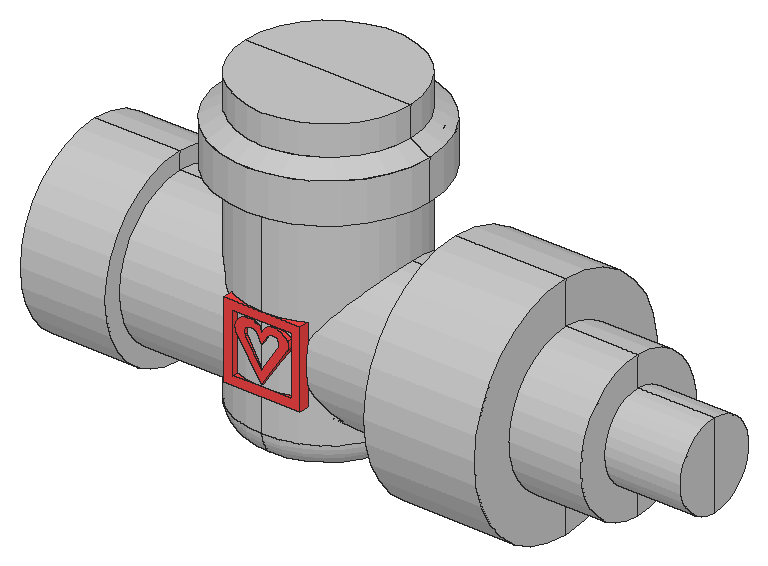
Revit family "RL-5 Return Valve Straight Model 3923", category Rohrzubehör, Revit 2018
Family settings
  Bemaßung runder Anschluss = Durchmesser verwenden
  Teiletyp = Unterbricht
  OmniClass-Nummer = 23.65.55.14
  OmniClass-Titel = Valves for Liquid Services
  Arbeitsebenenbasiert = Nein
  Immer vertikal = Nein
  Beim Laden mit Abzugskörper schneiden = Nein
  Gemeinsam genutzt = Nein
Parameters
  W02 [instance] = 70.00°  # constant formula
  W01 = 120.00°  # constant formula
  URL = "www.herzvalves.com"
  SCRNSEQ = "ARM;ARM_TYP=\"ALLF\";2"
  SCRNCODE = "05;01;02"  # constant formula
  S04 = 45.000 mm  # constant formula
  S03 = 61.000 mm  # constant formula
  S02 [instance] = L05 + L06 + L07  # 45.500 mm
  S01 = 10.000 mm  # constant formula
  R05 = 9.750 mm  # constant formula
  R04 = 12.000 mm  # constant formula
  R02 = 9.750 mm  # constant formula
  R01 = 11.000 mm  # constant formula
  Part number [instance] = size_lookup("3923_5_", "Artnr", 0, Nennweite)  # 1392300
  Nennweite [instance] = 10.000 mm
  Model = "All models are nickel-plated and are universal models with special socket threaded pipe and compression union."
  Medium = "Hot water quality according to Austrian standard ÖNORM H 5195 and/or VDI guideline 2035."
  Max. operating temperature = 110 °C  # constant formula
  Max. operating pressure = 1000000.0 Pa  # constant formula
  L07 [instance] = size_lookup("3923_5_", "L7", 1.000 mm, Nennweite)  # 17.500 mm
  L06 [instance] = size_lookup("3923_5_", "L6", 1.000 mm, Nennweite)  # 13.000 mm
  L05 [instance] = L02 - L04  # 15.000 mm
  L04 [instance] = size_lookup("3923_5_", "L4", 1.000 mm, Nennweite)  # 7.500 mm
  L03 [instance] = size_lookup("3923_5_", "L3", 1.000 mm, Nennweite)  # 10.000 mm
  L02 [instance] = size_lookup("3923_5_", "L2", 1.000 mm, Nennweite)  # 22.500 mm
  L01 [instance] = size_lookup("3923_5_", "L1", 1.000 mm, Nennweite)  # 27.500 mm
  Hersteller = "HERZ Armaturen Ges.m.b.H"  # constant formula
  H06 = 3.500 mm  # constant formula
  H05 = 9.500 mm  # constant formula
  H04 [instance] = H02 - H03  # 16.000 mm
  H03 = 5.000 mm  # constant formula
  H02 [instance] = 21.000 mm  # constant formula
  H01 [instance] = size_lookup("3923_5_", "H1", 1.000 mm, Nennweite)  # 14.000 mm
  GTI [instance] = size_lookup("3923_5_", "GT1", 1.000 mm, Nennweite)  # 9.000 mm
  GT [instance] = size_lookup("3923_5_", "GT", 1.000 mm, Nennweite)  # 9.500 mm
  G2 [instance] = Nennweite / 2  # 5.000 mm
  G1 [instance] = Nennweite / 2  # 5.000 mm
  D05 [instance] = size_lookup("3923_5_", "D5", 1.000 mm, Nennweite)  # 8.500 mm
  D04 [instance] = size_lookup("3923_5_", "D4", 1.000 mm, Nennweite)  # 13.500 mm
  D03 [instance] = size_lookup("3923_5_", "D3", 1.000 mm, Nennweite)  # 7.940 mm
  D02 [instance] = size_lookup("3923_5_", "D2", 1.000 mm, Nennweite)  # 9.000 mm
  D01 [instance] = size_lookup("3923_5_", "D1", 1.000 mm, Nennweite)  # 11.000 mm
  Body = "nickel-plated"  # constant formula
  Application = "Hot Water Heating Systems\r\nAfter installation of the return valve it is possible to close the radiator return connection.\r\nWhen the intake valve is closed simultaneously (“0“-position for thermostat valves) it is possible to remove the radiator while the heating system remains under pressure.\r\nServicing and working behind the radiator (repapering, laying tiles) is possible without having to switch off the rest of the system.\r\nThe HERZ-RL-5 valve adjusts to allow the exact water quantity to flow through the radiator according to the heat requirements.\r\nThis is recommended particularly in systems equipped with thermostatic valves because lowering the temperature during nighttime becomes fully effective in terms of reducing power input when the water flowquantity is limited and the hydraulic equilibrium of the system is retained.\r\nThe HERZ-RL-5 valve permits filling or draining the radiator or the entire heating system."
Reference planes
  plane 1 "Mitte (Vorne/hinten)": y = 0
  plane 2: z = 0
  plane 3 "Mitte (Links/rechts)": x = 0
Forms (mm)
  Revolve 1, solid, material "Messing, vernickelt", detail levels fine
    sketch origin (0, 0, 0) x (1, 0, 0) y (0, 0, 1)
      loop
        line (-18, 0) -> (22.5, 0) -> (22.5, 7.94) -> (15, 7.94) -> (15, 9) -> (-17.5, 9) -> (-17.5, 11) -> (-27.5, 11) -> (-27.5, 5) -> (-18, 5) -> (-18, 0)
      axis (-27.5, 0) -> (22.5, 0)
    angle from 0 to 360
  Revolve 2, solid, material "Messing, vernickelt", detail levels fine
    sketch origin (0, 0, 0) x (0, 1, 0) y (0, 0, 1)
      loop
        line (0, 21) -> (-11, 21) -> (-11, 16) -> (-9.75, 16) -> (-9.75, -8.456)
        arc (-9.75, -8.456) -> (-9.408, -9.847) -> (-8.46, -10.921) r 3
        line (-8.46, -10.921) -> (0, -14) -> (0, 21)
      axis (0, -14) -> (0, 21)
    angle from 0 to 360
  Revolve 3, solid, material "Messing, vernickelt", detail levels fine
    sketch origin (0, 0, 0) x (1, 0, 0) y (0, 0, 1)
      loop
        line (22.5, 0) -> (45.5, 0) -> (45.5, 5) -> (36.5, 5) -> (36.5, 8.5) -> (28, 8.5) -> (28, 13.5) -> (15, 13.5) -> (15, 7.94) -> (22.5, 7.94) -> (22.5, 0)
      axis (15, 0) -> (45.5, 0)
    angle from 0 to 360
  Revolve 4, solid, material "Messing, vernickelt", detail levels fine
    sketch origin (0, 0, 9) x (1, 0, 0) y (0, 0, 1)
      loop
        line (0, 7) -> (12, 7) -> (12, 11.701) -> (9.75, 13) -> (9.75, 16.5) -> (0, 16.5) -> (0, 7)
      axis (0, 16.5) -> (0, 7)
    angle from 0 to 360
Lines and regions (mm)
  model lines, detail levels coarse+medium
    curve 1: line (-27.5, 0, 11) -> (-27.5, 0, -11)
    curve 2: line (-27.5, 0, -11) -> (27.5, 0, 11)
    curve 3: line (27.5, 0, 11) -> (27.5, 0, -11)
    curve 4: line (27.5, 0, -11) -> (-27.5, 0, 11)
    curve 5: line (27.5, 0, 11) -> (37.5, 0, 11)
    curve 6: line (37.5, 0, 11) -> (27.5, 0, 0)
    curve 7: line (27.5, 0, -11) -> (37.5, 0, -11)
    curve 8: line (37.5, 0, -11) -> (27.5, 0, 0)
    curve 9: line (27.5, 0, 0) -> (45.5, 0, 0)
    curve 10: line (-27.5, 11, 0) -> (-27.5, -11, 0)
    curve 11: line (-27.5, -11, 0) -> (27.5, 11, 0)
    curve 12: line (27.5, 11, 0) -> (27.5, -11, 0)
    curve 13: line (27.5, -11, 0) -> (-27.5, 11, 0)
    curve 14: line (27.5, 11, 0) -> (37.5, 11, 0)
    curve 15: line (37.5, 11, 0) -> (27.5, 0, 0)
    curve 16: line (27.5, -11, 0) -> (37.5, -11, 0)
    curve 17: line (37.5, -11, 0) -> (27.5, 0, 0)
Dimensions and locks
  "L01": Revolve 1 sketch curve to plane 3 "Mitte (Links/rechts)"
  "L02": Revolve 1 sketch curve to plane 3 "Mitte (Links/rechts)"
  "G1": Revolve 1 sketch curve to plane 2
  "GT": Revolve 1 sketch curve to Revolve 1 sketch curve
  "D01": Revolve 1 sketch curve to Revolve 1 sketch curve
  "D02": Revolve 1 sketch curve to Revolve 1 sketch curve
  "D03": Revolve 1 sketch curve to Revolve 1 sketch curve
  "L03": Revolve 1 sketch curve to Revolve 1 sketch curve
  "L04": Revolve 1 sketch curve to Revolve 1 sketch curve
  "H02": Revolve 2 sketch curve to plane 2
  "R01": Revolve 2 sketch curve to plane 1 "Mitte (Vorne/hinten)"
  "D03": Revolve 3 sketch curve to plane 2
  "L04": Revolve 3 sketch curve to Revolve 3 sketch curve
  "L05": Revolve 3 sketch curve to plane 3 "Mitte (Links/rechts)"
  "L06": Revolve 3 sketch curve to Revolve 3 sketch curve
  "L07": Revolve 3 sketch curve to Revolve 3 sketch curve
  "D04": Revolve 3 sketch curve to Revolve 3 sketch curve
  "G2": Revolve 3 sketch curve to Revolve 3 sketch curve
  "D05": Revolve 3 sketch curve to Revolve 3 sketch curve
  "GTI": Revolve 3 sketch curve to Revolve 3 sketch curve
  "D01": curve 4 to plane 2 to curve 2
  "D01": curve 3 to plane 2 to curve 4
  "L01": curve 1 to plane 3 "Mitte (Links/rechts)" to curve 3
  "S01": curve 3 to curve 6
  "S02": curve 9 to plane 3 "Mitte (Links/rechts)"
  "L01": curve 10 to plane 3 "Mitte (Links/rechts)" to curve 12
  "D01": curve 11 to plane 1 "Mitte (Vorne/hinten)" to curve 13
  "D01": curve 13 to plane 1 "Mitte (Vorne/hinten)" to curve 12
  "S01": curve 12 to curve 15
  "S01": curve 12 to curve 17
  "H03": Revolve 2 sketch curve to Revolve 2 sketch curve
  "R02": Revolve 2 sketch curve to Revolve 2 sketch curve
  "H05": Revolve 4 sketch curve to Revolve 4 sketch curve
  "R05": Revolve 4 sketch curve to Revolve 4 sketch curve
  "R04": Revolve 4 sketch curve to Revolve 4 sketch curve
  "H06": Revolve 4 sketch curve to Revolve 4 sketch curve
  "H04": Revolve 4 sketch curve to plane 2
  "D02": nested 1 to plane 1 "Mitte (Vorne/hinten)"
  "H01": plane 2 to Revolve 2 sketch curve
  "W01": angle Revolve 4 sketch curve to Revolve 4 sketch curve
  "W02": angle Revolve 2 sketch curve to Revolve 2 sketch curve
  aligned and locked: level to plane 2
Automatic sketch dimensions
  curve 9 to level = 0.000 mm
  curve 3 to curve 8 = 10.000 mm
  plane 1 "Mitte (Vorne/hinten)" to curve 17 = 0.000 mm
  Revolve 1 sketch curve to level = 0.000 mm  (x2)
  Revolve 1 sketch curve to Revolve 1 sketch curve = 1436.530 mm
  Revolve 1 sketch curve to Revolve 1 sketch curve = 1779.148 mm
  Revolve 2 sketch curve to plane 1 "Mitte (Vorne/hinten)" = 0.000 mm  (x2)
  Revolve 2 sketch curve to Revolve 2 sketch curve = 1.290 mm
  Revolve 2 sketch curve to Revolve 2 sketch curve = 1.710 mm
  Revolve 2 sketch curve to Revolve 2 sketch curve = 98.333 mm
  Revolve 2 sketch curve to Revolve 2 sketch curve = 1236.335 mm
  Revolve 3 sketch curve to level = 0.000 mm  (x2)
  Revolve 3 sketch curve to plane 3 "Mitte (Links/rechts)" = 1506.530 mm
  Revolve 3 sketch curve to Revolve 3 sketch curve = 1789.648 mm
  Revolve 4 sketch curve to plane 3 "Mitte (Links/rechts)" = 0.000 mm  (x2)
  Revolve 4 sketch curve to level = 357.045 mm
  Revolve 4 sketch curve to Revolve 4 sketch curve = 2188.615 mm
Nested families
  nested 1: "Herz-Logo-vorne" at (0, -9, 0) x (0, 1, 0) z (0, 0, 1), type "Herz-Logo-vorne", detail levels fine
Connectors
  piping at (-18, 0, 0), diameter 10, driven by "Nennweite"
    settings: on Revolve 1, index 1, connector inside diameter 609.6 mm, connector length 0.000 mm, flow factor 0, pipe flow 0.0 L/s, pressure drop 0.0 Pa, fitting loss kfactor 0, connector angle 0.00°, fixture units 0, engagement length 0.000 mm, angle of deflection 0.00°, flow configuration 0, flow direction 1, fitting loss method 0, system type 8, joint type 0, gender type 0, connector reference index -1, connector utility 0, adjustable connector no, is connector primary yes, connector description ""
  piping at (45.5, 0, 0), diameter 10, driven by "Nennweite"
    settings: on Revolve 3, index 2, connector inside diameter 609.6 mm, connector length 0.000 mm, flow factor 0, pipe flow 0.0 L/s, pressure drop 0.0 Pa, fitting loss kfactor 0, connector angle 0.00°, fixture units 0, engagement length 0.000 mm, angle of deflection 0.00°, flow configuration 0, flow direction 2, fitting loss method 0, system type 8, joint type 0, gender type 0, connector reference index -1, connector utility 0, adjustable connector no, is connector primary no, connector description ""
Definition of nested family "Herz-Logo-vorne"
  Reference planes
    plane 1 "Mitte (Vorne/hinten)": y = 0
    plane 2: z = 0
    plane 3 "Mitte (Links/rechts)": x = 0
  Forms (mm)
    Extrusion 1, solid
      sketch origin (0.732, -0.018, 0.017) x (0, -1, 0) y (0, 0, 1)
        loop
          line (-0.018, -4.517) -> (4.482, -4.517) -> (4.482, 4.483) -> (-4.518, 4.483) -> (-4.518, -4.517) -> (-0.018, -4.517)
        loop
          line (-0.05, -3.48) -> (3.482, -3.48) -> (3.482, 3.483) -> (-3.518, 3.483) -> (-3.518, -3.48) -> (-0.05, -3.48)
        loop
          arc (-0.018, 2.383) -> (-1.543, 3.287) -> (-3.067, 2.383) r 1.738
          arc (-3.067, 2.383) -> (-3.191, 1.899) -> (-3.067, 1.415) r 1.009
          line (-3.067, 1.415) -> (-0.018, -3.281) -> (3.032, 1.415)
          arc (3.032, 1.415) -> (3.156, 1.899) -> (3.032, 2.383) r 1.009
          arc (3.032, 2.383) -> (1.507, 3.287) -> (-0.018, 2.383) r 1.738
        loop
          arc (1.885, 1.272) -> (2.005, 1.675) -> (1.885, 2.079) r 0.74
          arc (1.885, 2.079) -> (1.265, 2.416) -> (0.644, 2.079) r 0.74
          line (0.644, 2.079) -> (-0.018, 0.97) -> (-0.679, 2.079)
          arc (-0.679, 2.079) -> (-1.3, 2.416) -> (-1.921, 2.079) r 0.74
          arc (-1.921, 2.079) -> (-2.04, 1.675) -> (-1.921, 1.272) r 0.74
          line (-1.921, 1.272) -> (-0.018, -1.658) -> (1.885, 1.272)
      from 0 to 1.5
  Dimensions and locks
    aligned and locked: level to plane 2
